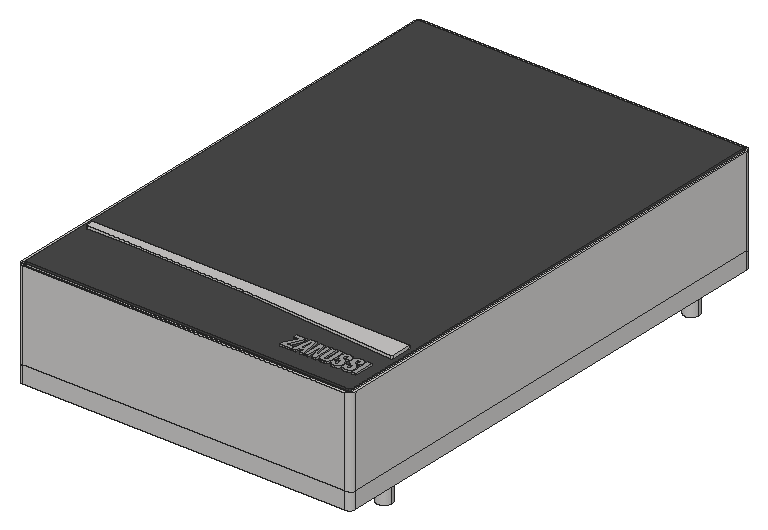
Revit family "QF_ZANUSSI_600891_Z1HAEEOMCS", category Specialty Equipment, Revit 2018
Family settings
  Round Connector Dimension = Use Diameter
  Part Type = Normal
  Work Plane-Based = No
  Always vertical = Yes
  Cut with Voids When Loaded = No
  Shared = No
  Room Calculation Point = No
Parameters
  Watts = 0 W
  Volts = 0 V
  URL = ""
  Steam Supply Size = 0 mm
  Steam Supply Minimum Pressure = 0.0 Pa
  Steam Supply Maximum Pressure = 0.0 Pa
  Steam Pounds per Hour = 0
  Show Logo [instance] = yes
  Manufacturer = ""
  Phase = 0
  Model = ""
  Item Number = ""
  Hot Water Size = 0 mm
  HP = "4.7 HP"
  Gas Size = 0 mm
  Gas KW = 0
  Direct Waste Size = 0 mm
  Description = ""
  Cycle = 0 Hz
  Condensate Return Size = 0 mm
  Compressed Air Volume = 0.0 L/s
  Compressed Air Size = 0 mm
  Compressed Air Pressure = 0.0 Pa
  Cold Water Size = 0 mm
Types (2, lengths in mm): name | Volts | URL | Manufacturer | Phase | Model | Item Number | Description | Cycle
  (no name) | 0 V | "" | "" | 0 | "" | "" | "" | 0 Hz
  Standard | 220 V | "http://www.zanussiprofessional.com" | "Zanussi" | 1 | "Z1HAEEOMCS" | "600891" | "PLUG-IN INDUCTION DOUBLE ZONE COOK TOP" | 60 Hz
Reference planes
  plane 1 "Centro (Fronte/Retro)": y = 74.737
  plane 2: z = 0
  plane 3: x = -514.269
  plane 4 "LEFT": x = -714.269
  plane 5 "RIGHT": x = -314.269
  plane 6 "BACK": y = 374.737
  plane 7 "FRONT": y = -225.263
  plane 8: x = -712.269
  plane 9: y = 372.737
  plane 10: x = -316.269
  plane 11: y = -223.263
  plane 12: y = -124.263
  plane 13: x = -698.269
  plane 14: x = -330.269
  plane 15: y = 304.737
  plane 16: y = -155.263
  plane 17: x = -442.269
  plane 18: y = 179.737
  plane 19: z = 764
Forms (mm)
  Extrusion 1, solid, material "QF_Finishes_Stainless Steel"
    sketch origin (0, 0, 788) x (1, 0, 0) y (0, 1, 0)
      loop
        arc (-707.269, 374.737) -> (-712.218, 372.687) -> (-714.269, 367.737) r 7
        line (-714.269, 367.737) -> (-714.269, -218.263)
        arc (-714.269, -218.263) -> (-712.218, -223.213) -> (-707.269, -225.263) r 7
        line (-707.269, -225.263) -> (-321.269, -225.263)
        arc (-321.269, -225.263) -> (-316.319, -223.213) -> (-314.269, -218.263) r 7
        line (-314.269, -218.263) -> (-314.269, 367.737)
        arc (-314.269, 367.737) -> (-316.319, 372.687) -> (-321.269, 374.737) r 7
        line (-321.269, 374.737) -> (-707.269, 374.737)
    from 0 to 20
  Extrusion 2, solid, material "QF_Finishes_Stainless Steel"
    sketch origin (0, 0, 788) x (1, 0, 0) y (0, 1, 0)
      loop
        line (-321.269, 374.737) -> (-707.269, 374.737)
        arc (-707.269, 374.737) -> (-712.218, 372.687) -> (-714.269, 367.737) r 7
        line (-714.269, 367.737) -> (-714.269, -218.263)
        arc (-714.269, -218.263) -> (-712.218, -223.213) -> (-707.269, -225.263) r 7
        line (-707.269, -225.263) -> (-321.269, -225.263)
        arc (-321.269, -225.263) -> (-316.319, -223.213) -> (-314.269, -218.263) r 7
        line (-314.269, -218.263) -> (-314.269, 367.737)
        arc (-314.269, 367.737) -> (-316.319, 372.687) -> (-321.269, 374.737) r 7
      loop
        arc (-707.269, 372.737) -> (-710.804, 371.273) -> (-712.269, 367.737) r 5
        line (-712.269, 367.737) -> (-712.269, -218.263)
        arc (-712.269, -218.263) -> (-710.804, -221.798) -> (-707.269, -223.263) r 5
        line (-707.269, -223.263) -> (-321.269, -223.263)
        arc (-321.269, -223.263) -> (-317.733, -221.798) -> (-316.269, -218.263) r 5
        line (-316.269, -218.263) -> (-316.269, 367.737)
        arc (-316.269, 367.737) -> (-317.733, 371.273) -> (-321.269, 372.737) r 5
        line (-321.269, 372.737) -> (-707.269, 372.737)
    from 20 to 126
  Extrusion 3, solid, material "QF_Finishes_Black"
    sketch origin (0, 0, 914) x (-1, 0, 0) y (0, -1, 0)
      loop
        arc (707.269, -369.737) -> (708.683, -369.151) -> (709.269, -367.737) r 2
        line (709.269, -367.737) -> (709.269, 218.263)
        arc (709.269, 218.263) -> (708.683, 219.677) -> (707.269, 220.263) r 2
        line (707.269, 220.263) -> (321.269, 220.263)
        arc (321.269, 220.263) -> (319.854, 219.677) -> (319.269, 218.263) r 2
        line (319.269, 218.263) -> (319.269, -367.737)
        arc (319.269, -367.737) -> (319.854, -369.151) -> (321.269, -369.737) r 2
        line (321.269, -369.737) -> (707.269, -369.737)
    from 0 to 2
  Extrusion 4, solid, material "QF_Finishes_Stainless Steel"
    sketch origin (0, 0, 140) x (-1, 0, 0) y (0, -1, 0)
      loop
        circle (698.269, -304.737) r 9
      loop
        circle (330.269, -304.737) r 9
      loop
        circle (698.269, 155.263) r 9
      loop
        circle (330.269, 155.263) r 9
    from 624 to 648
  Extrusion 5, solid, material "QF_Finishes_Stainless Steel"
    sketch origin (0, 0, 140) x (-1, 0, 0) y (0, -1, 0)
      loop
        circle (442.269, -179.737) r 10
    from 638.028 to 648
  Extrusion 6, solid, material "QF_Finishes_Stainless Steel"
    sketch origin (0, 0, 914) x (-1, 0, 0) y (0, -1, 0)
      loop
        arc (702.769, 124.263) -> (703.829, 124.702) -> (704.269, 125.763) r 1.5
        line (704.269, 125.763) -> (704.269, 132.763)
        arc (704.269, 132.763) -> (703.829, 133.824) -> (702.769, 134.263) r 1.5
        line (702.769, 134.263) -> (651.769, 134.263)
        arc (651.769, 134.263) -> (582.973, 135.513) -> (514.269, 139.263) r 1893.125
        arc (514.269, 139.263) -> (420.209, 148.26) -> (325.769, 151.263) r 1486.51
        arc (325.769, 151.263) -> (324.708, 150.824) -> (324.269, 149.763) r 1.5
        line (324.269, 149.763) -> (324.269, 125.763)
        arc (324.269, 125.763) -> (324.708, 124.702) -> (325.769, 124.263) r 1.5
        line (325.769, 124.263) -> (702.769, 124.263)
    from 2 to 5
Lines and regions (mm)
  Split face 1
    outline origin (0, 0, 916) x (-1, 0, 0) y (0, -1, 0)
      loop
        line (324.269, 124.263) -> (324.269, -364.737) -> (704.269, -364.737) -> (704.269, 124.263) -> (324.269, 124.263)
  Split face 2
    outline origin (0, 0, 916) x (-1, 0, 0) y (0, -1, 0)
      loop
        circle (514.269, -237.487) r 104
  Split face 3
    outline origin (0, 240.474, 916) x (-1, 0, 0) y (0, -1, 0)
      loop
        circle (514.269, 237.487) r 104
  symbolic lines
    curve 1: line (-321.269, 374.737, 126) -> (-707.269, 374.737, 126)
    curve 2: arc (-707.269, 374.737, 126) -> (-712.218, 372.687, 126) -> (-714.269, 367.737, 126) r 7
    curve 3: line (-714.269, 367.737, 126) -> (-714.269, -218.263, 126)
    curve 4: arc (-714.269, -218.263, 126) -> (-712.218, -223.213, 126) -> (-707.269, -225.263, 126) r 7
    curve 5: line (-707.269, -225.263, 126) -> (-321.269, -225.263, 126)
    curve 6: arc (-321.269, -225.263, 126) -> (-316.319, -223.213, 126) -> (-314.269, -218.263, 126) r 7
    curve 7: line (-314.269, -218.263, 126) -> (-314.269, 367.737, 126)
    curve 8: arc (-314.269, 367.737, 126) -> (-316.319, 372.687, 126) -> (-321.269, 374.737, 126) r 7
    curve 9: line (-707.269, 372.737, 126) -> (-321.269, 372.737, 126)
    curve 10: arc (-321.269, 372.737, 126) -> (-317.733, 371.273, 126) -> (-316.269, 367.737, 126) r 5
    curve 11: line (-316.269, 367.737, 126) -> (-316.269, -218.263, 126)
    curve 12: arc (-316.269, -218.263, 126) -> (-317.733, -221.798, 126) -> (-321.269, -223.263, 126) r 5
    curve 13: line (-321.269, -223.263, 126) -> (-707.269, -223.263, 126)
    curve 14: arc (-707.269, -223.263, 126) -> (-710.804, -221.798, 126) -> (-712.269, -218.263, 126) r 5
    curve 15: line (-712.269, -218.263, 126) -> (-712.269, 367.737, 126)
    curve 16: arc (-712.269, 367.737, 126) -> (-710.804, 371.273, 126) -> (-707.269, 372.737, 126) r 5
    curve 17: line (-324.269, -124.263, 126) -> (-704.269, -124.263, 126)
    curve 18: line (-704.269, 364.737, 126) -> (-704.269, -124.263, 126)
    curve 19: line (-324.269, -124.263, 126) -> (-324.269, 364.737, 126)
    curve 20: line (-324.269, 364.737, 126) -> (-704.269, 364.737, 126)
    curve 21: line (-319.269, -218.263, 126) -> (-319.269, 367.737, 126)
    curve 22: arc (-319.269, 367.737, 126) -> (-319.854, 369.151, 126) -> (-321.269, 369.737, 126) r 2
    curve 23: line (-321.269, 369.737, 126) -> (-707.269, 369.737, 126)
    curve 24: arc (-707.269, 369.737, 126) -> (-708.683, 369.151, 126) -> (-709.269, 367.737, 126) r 2
    curve 25: line (-709.269, 367.737, 126) -> (-709.269, -218.263, 126)
    curve 26: arc (-709.269, -218.263, 126) -> (-708.683, -219.677, 126) -> (-707.269, -220.263, 126) r 2
    curve 27: line (-707.269, -220.263, 126) -> (-321.269, -220.263, 126)
    curve 28: arc (-321.269, -220.263, 126) -> (-319.854, -219.677, 126) -> (-319.269, -218.263, 126) r 2
    curve 29: arc (-410.269, 237.487, 126) -> (-514.269, 341.487, 126) -> (-618.269, 237.487, 126) r 104
    curve 30: arc (-618.269, 237.487, 126) -> (-514.269, 133.487, 126) -> (-410.269, 237.487, 126) r 104
    curve 31: arc (-618.269, 2.987, 126) -> (-514.269, 106.987, 126) -> (-410.269, 2.987, 126) r 104
    curve 32: arc (-410.269, 2.987, 126) -> (-514.269, -101.013, 126) -> (-618.269, 2.987, 126) r 104
    curve 33: arc (-702.769, -124.263, 126) -> (-703.829, -124.702, 126) -> (-704.269, -125.763, 126) r 1.5
    curve 34: line (-704.269, -125.763, 126) -> (-704.269, -132.763, 126)
    curve 35: arc (-704.269, -132.763, 126) -> (-703.829, -133.824, 126) -> (-702.769, -134.263, 126) r 1.5
    curve 36: line (-702.769, -134.263, 126) -> (-651.769, -134.263, 126)
    curve 37: arc (-324.269, -125.763, 126) -> (-324.708, -124.702, 126) -> (-325.769, -124.263, 126) r 1.5
    curve 38: line (-324.269, -149.763, 126) -> (-324.269, -125.763, 126)
    curve 39: arc (-325.769, -151.263, 126) -> (-324.708, -150.824, 126) -> (-324.269, -149.763, 126) r 1.5
    curve 40: arc (-651.769, -134.263, 126) -> (-582.973, -135.513, 126) -> (-514.269, -139.263, 126) r 1893.125
    curve 41: arc (-514.269, -139.263, 126) -> (-420.209, -148.26, 126) -> (-325.769, -151.263, 126) r 1486.51
    curve 42: line (-415.208, -176.613, 126) -> (-422.226, -191.352, 126)
    curve 43: line (-422.226, -191.352, 126) -> (-422.226, -196.265, 126)
    curve 44: line (-422.226, -196.265, 126) -> (-409.452, -196.265, 126)
    curve 45: line (-409.452, -196.265, 126) -> (-409.452, -191.352, 126)
    curve 46: line (-409.452, -191.352, 126) -> (-416.821, -191.352, 126)
    curve 47: line (-416.821, -191.352, 126) -> (-409.452, -176.332, 126)
    curve 48: line (-409.452, -176.332, 126) -> (-409.452, -172.261, 126)
    curve 49: line (-409.452, -172.261, 126) -> (-421.665, -172.261, 126)
    curve 50: line (-421.665, -172.261, 126) -> (-421.665, -176.753, 126)
    curve 51: line (-421.665, -176.753, 126) -> (-415.208, -176.613, 126)
    curve 52: line (-404.82, -172.261, 126) -> (-409.172, -196.265, 126)
    curve 53: line (-409.172, -196.265, 126) -> (-404.118, -196.265, 126)
    curve 54: line (-404.118, -196.265, 126) -> (-403.416, -191.633, 126)
    curve 55: line (-403.416, -191.633, 126) -> (-399.346, -191.633, 126)
    curve 56: line (-399.346, -191.633, 126) -> (-398.644, -196.265, 126)
    curve 57: line (-398.644, -196.265, 126) -> (-393.59, -196.265, 126)
    curve 58: line (-393.59, -196.265, 126) -> (-398.082, -172.261, 126)
    curve 59: line (-398.082, -172.261, 126) -> (-404.82, -172.261, 126)
    curve 60: line (-401.451, -176.364, 126) -> (-400.047, -187.281, 126)
    curve 61: line (-400.047, -187.281, 126) -> (-402.855, -187.281, 126)
    curve 62: line (-402.855, -187.281, 126) -> (-401.451, -176.364, 126)
    curve 63: line (-393.309, -172.261, 126) -> (-393.309, -196.265, 126)
    curve 64: line (-393.309, -196.265, 126) -> (-388.958, -196.265, 126)
    curve 65: line (-388.958, -196.265, 126) -> (-388.958, -180.403, 126)
    curve 66: line (-388.958, -180.403, 126) -> (-384.887, -196.265, 126)
    curve 67: line (-384.887, -196.265, 126) -> (-379.553, -196.265, 126)
    curve 68: line (-379.553, -196.265, 126) -> (-379.553, -172.261, 126)
    curve 69: line (-379.553, -172.261, 126) -> (-384.045, -172.261, 126)
    curve 70: line (-384.045, -172.261, 126) -> (-384.045, -187.562, 126)
    curve 71: line (-384.045, -187.562, 126) -> (-388.116, -172.261, 126)
    curve 72: line (-388.116, -172.261, 126) -> (-393.309, -172.261, 126)
    curve 73: line (-378.43, -172.261, 126) -> (-378.43, -188.404, 126)
    curve 74: line (-378.43, -188.404, 126) -> (-378.149, -192.334, 126)
    curve 75: line (-378.149, -192.334, 126) -> (-377.728, -193.317, 126)
    curve 76: line (-377.728, -193.317, 126) -> (-376.745, -194.58, 126)
    curve 77: line (-376.745, -194.58, 126) -> (-375.763, -195.282, 126)
    curve 78: line (-375.763, -195.282, 126) -> (-373.797, -196.124, 126)
    curve 79: line (-373.797, -196.124, 126) -> (-372.815, -196.265, 126)
    curve 80: line (-372.815, -196.265, 126) -> (-370.569, -196.265, 126)
    curve 81: line (-370.569, -196.265, 126) -> (-369.446, -195.984, 126)
    curve 82: line (-369.446, -195.984, 126) -> (-367.761, -195.001, 126)
    curve 83: line (-367.761, -195.001, 126) -> (-365.796, -192.194, 126)
    curve 84: line (-365.796, -192.194, 126) -> (-365.656, -191.211, 126)
    curve 85: line (-365.656, -191.211, 126) -> (-365.656, -172.261, 126)
    curve 86: line (-365.656, -172.261, 126) -> (-370.569, -172.261, 126)
    curve 87: line (-370.569, -172.261, 126) -> (-370.569, -190.088, 126)
    curve 88: line (-370.569, -190.088, 126) -> (-371.13, -191.352, 126)
    curve 89: line (-371.13, -191.352, 126) -> (-372.675, -191.492, 126)
    curve 90: line (-372.675, -191.492, 126) -> (-373.517, -190.509, 126)
    curve 91: line (-373.517, -190.509, 126) -> (-373.517, -172.261, 126)
    curve 92: line (-373.517, -172.261, 126) -> (-378.43, -172.261, 126)
    curve 93: line (-353.163, -184.895, 126) -> (-358.778, -179.841, 126)
    curve 94: line (-358.778, -179.841, 126) -> (-359.479, -178.999, 126)
    curve 95: line (-359.479, -178.999, 126) -> (-359.76, -176.753, 126)
    curve 96: line (-359.76, -176.753, 126) -> (-358.076, -175.911, 126)
    curve 97: line (-358.076, -175.911, 126) -> (-356.672, -176.893, 126)
    curve 98: line (-356.672, -176.893, 126) -> (-356.532, -179.841, 126)
    curve 99: line (-356.532, -179.841, 126) -> (-351.899, -179.841, 126)
    curve 100: line (-351.899, -179.841, 126) -> (-352.18, -175.068, 126)
    curve 101: line (-352.18, -175.068, 126) -> (-355.128, -172.401, 126)
    curve 102: line (-355.128, -172.401, 126) -> (-363.269, -173.805, 126)
    curve 103: line (-363.269, -173.805, 126) -> (-364.252, -180.824, 126)
    curve 104: line (-364.252, -180.824, 126) -> (-362.006, -184.052, 126)
    curve 105: line (-362.006, -184.052, 126) -> (-359.62, -186.158, 126)
    curve 106: line (-359.62, -186.158, 126) -> (-356.672, -189.106, 126)
    curve 107: line (-356.672, -189.106, 126) -> (-357.233, -191.773, 126)
    curve 108: line (-357.233, -191.773, 126) -> (-359.058, -191.913, 126)
    curve 109: line (-359.058, -191.913, 126) -> (-360.041, -187.842, 126)
    curve 110: line (-360.041, -187.842, 126) -> (-364.954, -187.842, 126)
    curve 111: line (-364.954, -187.842, 126) -> (-363.55, -194.44, 126)
    curve 112: line (-363.55, -194.44, 126) -> (-357.374, -196.265, 126)
    curve 113: line (-357.374, -196.265, 126) -> (-351.759, -192.334, 126)
    curve 114: line (-351.759, -192.334, 126) -> (-353.163, -184.895, 126)
    curve 115: line (-339.266, -184.754, 126) -> (-345.161, -179.42, 126)
    curve 116: line (-345.161, -179.42, 126) -> (-345.863, -177.595, 126)
    curve 117: line (-345.863, -177.595, 126) -> (-345.302, -176.191, 126)
    curve 118: line (-345.302, -176.191, 126) -> (-344.038, -175.911, 126)
    curve 119: line (-344.038, -175.911, 126) -> (-342.635, -176.893, 126)
    curve 120: line (-342.635, -176.893, 126) -> (-342.494, -179.701, 126)
    curve 121: line (-342.494, -179.701, 126) -> (-337.722, -179.841, 126)
    curve 122: line (-337.722, -179.841, 126) -> (-338.283, -174.928, 126)
    curve 123: line (-338.283, -174.928, 126) -> (-345.723, -171.98, 126)
    curve 124: line (-345.723, -171.98, 126) -> (-350.215, -175.63, 126)
    curve 125: line (-350.215, -175.63, 126) -> (-348.951, -182.929, 126)
    curve 126: line (-348.951, -182.929, 126) -> (-343.758, -187.562, 126)
    curve 127: line (-343.758, -187.562, 126) -> (-342.635, -189.246, 126)
    curve 128: line (-342.635, -189.246, 126) -> (-343.056, -191.773, 126)
    curve 129: line (-343.056, -191.773, 126) -> (-344.46, -192.054, 126)
    curve 130: line (-344.46, -192.054, 126) -> (-346.003, -187.702, 126)
    curve 131: line (-346.003, -187.702, 126) -> (-350.917, -187.842, 126)
    curve 132: line (-350.917, -187.842, 126) -> (-349.092, -194.721, 126)
    curve 133: line (-349.092, -194.721, 126) -> (-341.091, -195.703, 126)
    curve 134: line (-341.091, -195.703, 126) -> (-338.002, -192.896, 126)
    curve 135: line (-338.002, -192.896, 126) -> (-339.266, -184.754, 126)
    curve 136: line (-331.966, -172.261, 126) -> (-336.879, -172.261, 126)
    curve 137: line (-336.879, -172.261, 126) -> (-336.879, -196.265, 126)
    curve 138: line (-336.879, -196.265, 126) -> (-331.966, -196.265, 126)
    curve 139: line (-331.966, -196.265, 126) -> (-331.966, -172.261, 126)
Dimensions and locks
  equal spacing: plane 4 "LEFT", plane 3, plane 5 "RIGHT"
  plane 4 "LEFT" to plane 5 "RIGHT" = 400 mm
  equal spacing: plane 6 "BACK", plane 1 "Centro (Fronte/Retro)", plane 7 "FRONT"
  plane 6 "BACK" to plane 7 "FRONT" = 600 mm
  locked: plane 4 "LEFT" to plane 13 at 16
  locked: plane 14 to plane 5 "RIGHT" at 16
  locked: plane 6 "BACK" to plane 15 at 70
  locked: plane 16 to plane 7 "FRONT" at 70
  locked: plane 17 to plane 5 "RIGHT" at 128
  locked: plane 6 "BACK" to plane 18 at 195
  plane 19 to level = 764 mm
  aligned and locked: level to plane 2
Automatic sketch dimensions
  curve 2 to curve 16 = 0 mm  (x2)
  curve 2 to curve 24 = 0 mm  (x2)
  curve 4 to curve 14 = 0 mm  (x2)
  curve 4 to curve 26 = 0 mm  (x2)
  curve 6 to curve 12 = 0 mm  (x2)
  curve 6 to curve 28 = 0 mm  (x2)
  curve 8 to curve 10 = 0 mm  (x2)
  curve 8 to curve 22 = 0 mm  (x2)
  curve 10 to curve 22 = 0 mm  (x2)
  curve 12 to curve 28 = 0 mm  (x2)
  curve 14 to curve 26 = 0 mm  (x2)
  curve 16 to curve 24 = 0 mm  (x2)
  curve 29 to curve 30 = 0 mm  (x2)
  curve 31 to curve 32 = 0 mm  (x2)
  curve 7 to plane 5 "RIGHT" = 0 mm
  curve 12 to plane 10 = 0 mm
  curve 6 to plane 7 "FRONT" = 0 mm
  curve 8 to plane 6 "BACK" = 0 mm
  curve 17 to plane 12 = 0 mm
  curve 40 to plane 3 = 0 mm
  curve 30 to plane 3 = 0 mm
  curve 32 to plane 3 = 0 mm
  curve 15 to plane 8 = 0 mm
  curve 10 to curve 21 = 3 mm
  curve 28 to curve 6 = 2 mm
  curve 22 to curve 22 = 2 mm
  curve 38 to plane 12 = 1.5 mm
  plane 14 to curve 38 = 6 mm
  curve 10 to curve 19 = 3 mm
  curve 39 to curve 39 = 1.5 mm
  curve 138 to plane 14 = 1.698 mm
  curve 138 to curve 138 = 4.913 mm
  curve 121 to plane 14 = 7.453 mm
  curve 137 to curve 134 = 1.123 mm
  curve 136 to curve 122 = 1.404 mm
  curve 121 to curve 135 = 1.544 mm
  curve 134 to curve 134 = 3.088 mm
  curve 121 to curve 121 = 4.773 mm
  curve 120 to curve 120 = 0.141 mm
  curve 115 to curve 128 = 3.369 mm
  curve 127 to curve 129 = 0.421 mm
  curve 127 to curve 127 = 1.123 mm
  curve 119 to curve 118 = 1.404 mm
  curve 128 to curve 130 = 1.404 mm
  curve 120 to curve 115 = 2.667 mm
  curve 118 to curve 117 = 1.263 mm
  curve 117 to curve 123 = 0.421 mm
  curve 117 to curve 117 = 0.562 mm
  curve 126 to curve 130 = 2.246 mm
  curve 115 to curve 126 = 3.79 mm
  curve 129 to curve 132 = 4.632 mm
  curve 116 to curve 125 = 4.352 mm
  curve 130 to curve 131 = 4.913 mm
  curve 132 to curve 114 = 2.667 mm
  curve 125 to curve 100 = 2.948 mm
  curve 124 to curve 100 = 1.965 mm
  curve 131 to curve 114 = 2.246 mm
  curve 100 to curve 101 = 2.948 mm
  curve 99 to curve 99 = 4.632 mm
  curve 93 to curve 106 = 3.509 mm
  curve 98 to curve 98 = 0.14 mm
  curve 106 to curve 107 = 0.562 mm
  curve 107 to curve 113 = 0.14 mm
  curve 97 to curve 96 = 1.404 mm
  curve 98 to curve 94 = 2.246 mm
  curve 107 to curve 109 = 1.825 mm
  curve 93 to curve 94 = 0.702 mm
  curve 106 to curve 106 = 2.948 mm
  curve 96 to curve 96 = 1.684 mm
  curve 105 to curve 110 = 0.421 mm
  curve 105 to curve 104 = 2.386 mm
  curve 95 to curve 103 = 3.509 mm
  curve 108 to curve 111 = 4.492 mm
  curve 104 to curve 103 = 2.246 mm
  curve 104 to curve 111 = 2.948 mm
  curve 110 to curve 84 = 0.702 mm
  curve 84 to curve 84 = 0.14 mm
  curve 83 to curve 83 = 1.965 mm
  curve 82 to curve 82 = 1.685 mm
  curve 84 to curve 88 = 4.913 mm
  curve 81 to curve 81 = 1.123 mm
  curve 87 to curve 89 = 0.561 mm
  curve 88 to curve 89 = 1.544 mm
  curve 80 to curve 79 = 2.246 mm
  curve 89 to curve 91 = 0.842 mm
  curve 79 to curve 78 = 0.982 mm
  curve 78 to curve 77 = 1.965 mm
  curve 77 to curve 76 = 0.983 mm
  curve 76 to curve 76 = 0.983 mm
  curve 75 to curve 74 = 0.421 mm
  curve 74 to curve 73 = 0.281 mm
  curve 76 to curve 67 = 2.808 mm
  curve 73 to curve 70 = 5.615 mm
  curve 67 to curve 67 = 5.334 mm
  curve 69 to curve 72 = 4.071 mm
  curve 66 to plane 16 = 25.14 mm
  curve 71 to curve 66 = 0.842 mm
  curve 71 to curve 63 = 5.194 mm
  curve 63 to curve 58 = 0.281 mm
  curve 58 to plane 16 = 16.998 mm
  curve 63 to curve 58 = 4.773 mm
  curve 57 to curve 57 = 5.053 mm
  curve 56 to curve 56 = 0.702 mm
  curve 55 to curve 61 = 0.702 mm
  curve 58 to curve 60 = 3.369 mm
  curve 60 to curve 61 = 2.807 mm
  curve 55 to curve 55 = 4.071 mm
  curve 54 to curve 54 = 0.702 mm
  curve 60 to curve 52 = 3.369 mm
  curve 53 to curve 52 = 5.054 mm
  curve 52 to curve 44 = 0.281 mm
  curve 52 to curve 47 = 4.632 mm
  curve 47 to curve 51 = 5.755 mm
  curve 45 to curve 46 = 7.368 mm
  curve 42 to curve 50 = 6.457 mm
  curve 46 to curve 42 = 5.406 mm
  curve 36 to plane 12 = 10 mm
  plane 13 to curve 36 = 46.5 mm
  curve 33 to plane 12 = 1.5 mm
  curve 33 to plane 13 = 4.5 mm
  curve 35 to curve 34 = 1.5 mm
  curve 33 to curve 17 = 1.5 mm
  curve 14 to curve 25 = 2 mm
  plane 8 to curve 9 = 5 mm
  plane 6 "BACK" to curve 41 = 960.51 mm
  curve 24 to curve 18 = 3 mm
  plane 18 to curve 29 = 57.75 mm
  plane 1 "Centro (Fronte/Retro)" to curve 31 = 71.75 mm
  plane 16 to curve 38 = 5.5 mm
  curve 124 to plane 16 = 16.717 mm
  curve 123 to curve 136 = 0.281 mm
  curve 58 to curve 63 = 0 mm
  curve 71 to curve 92 = 0 mm
  curve 91 to curve 86 = 0 mm
  curve 68 to curve 73 = 0 mm
  curve 50 to curve 52 = 0 mm
  curve 123 to curve 101 = 0.421 mm
  curve 85 to curve 102 = 1.544 mm
  curve 136 to curve 122 = 2.667 mm
  curve 101 to curve 101 = 2.667 mm
  curve 100 to curve 125 = 0.561 mm
  curve 123 to curve 119 = 3.93 mm
  curve 101 to curve 96 = 3.509 mm
  curve 118 to curve 117 = 0.281 mm
  curve 48 to curve 47 = 4.071 mm
  curve 58 to curve 60 = 4.103 mm
  curve 47 to curve 42 = 0.281 mm
  curve 49 to curve 50 = 4.492 mm
  curve 96 to curve 95 = 0.842 mm
  curve 118 to curve 120 = 0.983 mm
  curve 96 to curve 98 = 0.983 mm
  curve 117 to curve 117 = 1.404 mm
  curve 95 to curve 94 = 2.246 mm
  curve 116 to curve 116 = 1.825 mm
  curve 115 to curve 120 = 0.281 mm
  curve 97 to curve 98 = 2.948 mm
  curve 120 to curve 121 = 0.14 mm
  curve 94 to curve 93 = 0.842 mm
  curve 94 to curve 104 = 1.825 mm
  curve 99 to curve 126 = 3.088 mm
  curve 103 to curve 105 = 3.228 mm
  curve 121 to curve 115 = 4.913 mm
  curve 125 to curve 93 = 1.965 mm
  curve 104 to curve 105 = 2.106 mm
  curve 60 to curve 62 = 10.917 mm
  curve 115 to curve 126 = 2.807 mm
  curve 65 to curve 70 = 7.159 mm
  curve 126 to curve 130 = 0.14 mm
  curve 104 to curve 111 = 3.79 mm
  curve 93 to curve 132 = 2.948 mm
  curve 70 to curve 74 = 0.842 mm
  curve 109 to curve 106 = 1.264 mm
  curve 126 to curve 127 = 1.685 mm
  curve 110 to curve 87 = 2.246 mm
  curve 87 to curve 91 = 0.421 mm
  curve 110 to curve 85 = 3.369 mm
  curve 61 to curve 46 = 4.071 mm
  curve 87 to curve 89 = 1.263 mm
  curve 42 to curve 46 = 0 mm
  curve 90 to curve 90 = 0.983 mm
  curve 60 to curve 55 = 4.352 mm
  curve 127 to curve 129 = 2.527 mm
  curve 106 to curve 108 = 2.667 mm
  curve 107 to curve 109 = 0.14 mm
  curve 128 to curve 129 = 0.281 mm
  curve 84 to curve 84 = 0.982 mm
  curve 73 to curve 74 = 3.93 mm
  curve 131 to curve 113 = 4.492 mm
  curve 128 to curve 134 = 1.123 mm
  curve 74 to curve 75 = 0.983 mm
  curve 83 to curve 112 = 2.246 mm
  curve 75 to curve 76 = 1.263 mm
  curve 113 to curve 132 = 2.386 mm
  curve 83 to curve 83 = 2.808 mm
  curve 76 to curve 78 = 0.702 mm
  curve 134 to curve 134 = 2.807 mm
  curve 82 to curve 82 = 0.983 mm
  curve 77 to curve 79 = 0.842 mm
  curve 55 to curve 56 = 4.632 mm
  curve 75 to curve 67 = 2.948 mm
  curve 107 to curve 112 = 4.492 mm
  curve 64 to curve 66 = 0 mm
  curve 78 to curve 79 = 0.14 mm
  curve 45 to curve 53 = 4.913 mm
  curve 134 to curve 137 = 3.369 mm
  curve 45 to curve 52 = 0 mm
  curve 40 to plane 7 "FRONT" = 1802.125 mm
  plane 17 to curve 30 = 32 mm
  plane 17 to curve 32 = 32 mm
  Extrusion 1 sketch curve to plane 4 "LEFT" = 0 mm
  Extrusion 1 sketch curve to plane 7 "FRONT" = 0 mm
  Extrusion 1 sketch curve to plane 6 "BACK" = 0 mm
  Extrusion 1 sketch curve to plane 5 "RIGHT" = 0 mm
  plane 8 to Extrusion 1 sketch curve = 5 mm  (x2)
  Extrusion 1 sketch curve to plane 10 = 5 mm  (x2)
  Extrusion 2 sketch curve to Extrusion 2 sketch curve = 0 mm  (x8)
  Extrusion 2 sketch curve to plane 4 "LEFT" = 0 mm
  Extrusion 2 sketch curve to plane 8 = 0 mm
  Extrusion 2 sketch curve to plane 6 "BACK" = 0 mm
  Extrusion 2 sketch curve to plane 7 "FRONT" = 0 mm
  Extrusion 2 sketch curve to plane 10 = 0 mm
  Extrusion 2 sketch curve to Extrusion 2 sketch curve = 5 mm  (x2)
  Extrusion 2 sketch curve to plane 10 = 5 mm  (x2)
  Extrusion 3 sketch curve to plane 10 = 3 mm
  Extrusion 3 sketch curve to Extrusion 3 sketch curve = 2 mm  (x3)
  plane 8 to Extrusion 3 sketch curve = 5 mm  (x2)
  Extrusion 3 sketch curve to plane 9 = 3 mm
  plane 11 to Extrusion 3 sketch curve = 5 mm
  Split face 1 sketch curve to Extrusion 3 = 5 mm  (x3)
  Split face 1 sketch curve to Extrusion 3 = 96 mm
  Extrusion 4 sketch curve to plane 14 = 0 mm  (x2)
  Extrusion 4 sketch curve to plane 13 = 0 mm  (x2)
  Extrusion 4 sketch curve to plane 15 = 0 mm  (x2)
  Extrusion 4 sketch curve to plane 16 = 0 mm  (x2)
  Extrusion 5 sketch curve to plane 17 = 0 mm
  Extrusion 5 sketch curve to plane 18 = 0 mm
  Split face 2 sketch curve to Extrusion 3 = 195 mm
  Split face 2 sketch curve to Extrusion 3 = 132.25 mm
  Split face 3 sketch curve to Extrusion 3 = 195 mm
  Split face 3 sketch curve to Extrusion 3 = 223.25 mm
  Extrusion 6 sketch curve to plane 12 = 0 mm
  Extrusion 6 sketch curve to plane 3 = 0 mm
  plane 14 to Extrusion 6 sketch curve = 4.5 mm  (x2)
  Extrusion 6 sketch curve to Extrusion 6 sketch curve = 1.5 mm  (x2)
  plane 13 to Extrusion 6 sketch curve = 46.5 mm
  Extrusion 6 sketch curve to plane 12 = 1.5 mm
  Extrusion 6 sketch curve to plane 13 = 4.5 mm
  plane 6 "BACK" to Extrusion 6 sketch curve = 960.51 mm
  Extrusion 6 sketch curve to Extrusion 6 sketch curve = 7 mm
  plane 16 to Extrusion 6 sketch curve = 5.5 mm
  Extrusion 6 sketch curve to plane 7 "FRONT" = 1802.125 mm
  radius of Extrusion 4 sketch curve = 9 mm  (x4)
  radius of Extrusion 5 sketch curve = 10 mm
  radius of Split face 2 sketch curve = 104 mm
  radius of Split face 3 sketch curve = 104 mm
Nested families
  nested 1: "ZAN_Logo_S_Grey" at (-377.096, -184.263, 916), visible <- "Show Logo", type "ZAN_Logo_S_Grey"
Connectors
  electrical at (-442.269, 179.737, 778.028)
    settings: on Extrusion 5, index 2, voltage 0 V, apparent load 0 VA, apparent load phase1 0 VA, apparent load phase2 0 VA, apparent load phase3 0 VA, power factor 1, load classification "Altro", number of poles 1, system type 30, power factor state 1, is connector primary yes, connector utility no, sub classification motor no, connector description ""
Definition of nested family "ZAN_Logo_S_Grey"
  Parameters (values of type "ZAN_Logo_S_Grey")
    Default Elevation = 0 mm
  Reference planes
    plane 1 "Centro (Fronte/Retro)": y = 0
    plane 2: z = 0
    plane 3 "Centro (Sinistra/Destra)": x = 0
  Forms (mm)
    Extrusion 1, solid
      sketch origin (0, 0, 0) x (1, 0, 0) y (0, 1, 0)
        loop
          line (-1219.2, 1219.2) -> (-1219.2, -1219.2) -> (1219.2, -1219.2) -> (1219.2, 1219.2) -> (-1219.2, 1219.2)
      from 0 to -304.8
    Extrusion 2, solid
      sketch origin (17.793, -46.218, 0) x (-1, 0, 0) y (0, -1, 0)
        loop
          spline (-4.176, -58.079) -> (-3.496, -58.328) -> (-2.793, -58.512) -> (-2.075, -58.63) -> (-1.348, -58.682) -> (-0.619, -58.669) -> (0.106, -58.588) -> (0.818, -58.44) -> (1.512, -58.225) -> (2.18, -57.941) -> (2.817, -57.589) -> (3.414, -57.167) -> (3.966, -56.676)
          spline (3.966, -56.676) -> (4.293, -56.162) -> (4.575, -55.61) -> (4.81, -55.026) -> (5, -54.419) -> (5.146, -53.797) -> (5.247, -53.166) -> (5.304, -52.536) -> (5.318, -51.913) -> (5.288, -51.306) -> (5.217, -50.723) -> (5.103, -50.17) -> (4.949, -49.657)
          line (4.949, -49.657) -> (2.702, -46.428) -> (0.316, -44.323)
          spline (0.316, -44.323) -> (0.065, -44.115) -> (-0.195, -43.909) -> (-0.46, -43.704) -> (-0.729, -43.496) -> (-0.997, -43.282) -> (-1.263, -43.059) -> (-1.523, -42.825) -> (-1.774, -42.576) -> (-2.013, -42.309) -> (-2.238, -42.022) -> (-2.445, -41.712) -> (-2.632, -41.375)
          spline (-2.632, -41.375) -> (-2.666, -41.159) -> (-2.697, -40.934) -> (-2.722, -40.701) -> (-2.736, -40.465) -> (-2.736, -40.227) -> (-2.72, -39.989) -> (-2.682, -39.754) -> (-2.621, -39.524) -> (-2.533, -39.302) -> (-2.414, -39.091) -> (-2.261, -38.892) -> (-2.07, -38.708)
          line (-2.07, -38.708) -> (-0.245, -38.567)
          spline (-0.245, -38.567) -> (0.096, -38.8) -> (0.354, -39.074) -> (0.54, -39.381) -> (0.664, -39.716) -> (0.738, -40.073) -> (0.772, -40.445) -> (0.777, -40.825) -> (0.763, -41.208) -> (0.742, -41.588) -> (0.723, -41.957) -> (0.718, -42.309) -> (0.737, -42.638)
          line (0.737, -42.638) -> (5.65, -42.638)
          spline (5.65, -42.638) -> (5.708, -42.042) -> (5.741, -41.448) -> (5.747, -40.857) -> (5.723, -40.273) -> (5.668, -39.696) -> (5.58, -39.129) -> (5.457, -38.574) -> (5.297, -38.032) -> (5.098, -37.506) -> (4.857, -36.997) -> (4.574, -36.508) -> (4.247, -36.041)
          spline (4.247, -36.041) -> (3.844, -35.675) -> (3.409, -35.35) -> (2.946, -35.065) -> (2.458, -34.819) -> (1.949, -34.612) -> (1.421, -34.444) -> (0.88, -34.314) -> (0.326, -34.221) -> (-0.234, -34.165) -> (-0.8, -34.146) -> (-1.366, -34.163) -> (-1.93, -34.216)
          spline (-1.93, -34.216) -> (-2.526, -34.309) -> (-3.116, -34.448) -> (-3.695, -34.633) -> (-4.259, -34.861) -> (-4.801, -35.131) -> (-5.316, -35.444) -> (-5.799, -35.798) -> (-6.245, -36.191) -> (-6.648, -36.624) -> (-7.002, -37.095) -> (-7.303, -37.603) -> (-7.545, -38.146)
          spline (-7.545, -38.146) -> (-7.694, -38.815) -> (-7.792, -39.487) -> (-7.839, -40.158) -> (-7.836, -40.824) -> (-7.785, -41.482) -> (-7.685, -42.129) -> (-7.539, -42.762) -> (-7.347, -43.377) -> (-7.111, -43.97) -> (-6.83, -44.538) -> (-6.506, -45.078) -> (-6.141, -45.586)
          line (-6.141, -45.586) -> (-0.526, -50.64) -> (0.176, -51.482)
          spline (0.176, -51.482) -> (0.248, -51.66) -> (0.323, -51.843) -> (0.397, -52.03) -> (0.467, -52.22) -> (0.529, -52.412) -> (0.579, -52.605) -> (0.615, -52.798) -> (0.633, -52.989) -> (0.63, -53.179) -> (0.601, -53.366) -> (0.545, -53.55) -> (0.456, -53.728)
          spline (0.456, -53.728) -> (0.375, -53.892) -> (0.273, -54.034) -> (0.154, -54.155) -> (0.02, -54.258) -> (-0.126, -54.343) -> (-0.28, -54.412) -> (-0.441, -54.466) -> (-0.604, -54.508) -> (-0.767, -54.537) -> (-0.928, -54.556) -> (-1.082, -54.567) -> (-1.228, -54.57)
          line (-1.228, -54.57) -> (-2.632, -53.587) -> (-2.772, -50.64) -> (-7.405, -50.64)
          spline (-7.405, -50.64) -> (-7.41, -51.031) -> (-7.423, -51.432) -> (-7.44, -51.839) -> (-7.456, -52.251) -> (-7.469, -52.665) -> (-7.475, -53.079) -> (-7.468, -53.489) -> (-7.446, -53.894) -> (-7.404, -54.291) -> (-7.339, -54.679) -> (-7.247, -55.053) -> (-7.123, -55.412)
          spline (-7.123, -55.412) -> (-6.999, -55.693) -> (-6.837, -55.97) -> (-6.643, -56.244) -> (-6.422, -56.509) -> (-6.177, -56.765) -> (-5.913, -57.009) -> (-5.634, -57.238) -> (-5.346, -57.45) -> (-5.051, -57.643) -> (-4.755, -57.814) -> (-4.462, -57.96) -> (-4.176, -58.079)
        loop
          spline (-21.021, -55.552) -> (-20.633, -56.181) -> (-20.177, -56.736) -> (-19.661, -57.217) -> (-19.092, -57.627) -> (-18.478, -57.966) -> (-17.827, -58.237) -> (-17.147, -58.441) -> (-16.446, -58.578) -> (-15.73, -58.652) -> (-15.009, -58.662) -> (-14.29, -58.611) -> (-13.581, -58.5)
          spline (-13.581, -58.5) -> (-13.088, -58.407) -> (-12.595, -58.269) -> (-12.109, -58.088) -> (-11.636, -57.866) -> (-11.183, -57.605) -> (-10.756, -57.307) -> (-10.361, -56.974) -> (-10.004, -56.608) -> (-9.692, -56.211) -> (-9.431, -55.784) -> (-9.228, -55.33) -> (-9.089, -54.851)
          spline (-9.089, -54.851) -> (-8.873, -54.211) -> (-8.715, -53.559) -> (-8.615, -52.901) -> (-8.574, -52.241) -> (-8.592, -51.585) -> (-8.668, -50.938) -> (-8.802, -50.306) -> (-8.995, -49.693) -> (-9.247, -49.106) -> (-9.557, -48.55) -> (-9.925, -48.03) -> (-10.352, -47.551)
          line (-10.352, -47.551) -> (-15.546, -42.919) -> (-16.669, -41.234)
          spline (-16.669, -41.234) -> (-16.704, -41.021) -> (-16.735, -40.804) -> (-16.761, -40.583) -> (-16.778, -40.361) -> (-16.784, -40.139) -> (-16.774, -39.919) -> (-16.748, -39.701) -> (-16.7, -39.488) -> (-16.63, -39.28) -> (-16.533, -39.08) -> (-16.406, -38.889) -> (-16.248, -38.708)
          line (-16.248, -38.708) -> (-14.844, -38.427)
          spline (-14.844, -38.427) -> (-14.347, -38.545) -> (-13.969, -38.749) -> (-13.695, -39.028) -> (-13.508, -39.368) -> (-13.393, -39.757) -> (-13.335, -40.182) -> (-13.318, -40.63) -> (-13.326, -41.089) -> (-13.344, -41.546) -> (-13.356, -41.988) -> (-13.347, -42.403) -> (-13.3, -42.779)
          line (-13.3, -42.779) -> (-8.387, -42.638)
          spline (-8.387, -42.638) -> (-8.326, -42.034) -> (-8.288, -41.417) -> (-8.277, -40.794) -> (-8.299, -40.169) -> (-8.357, -39.548) -> (-8.457, -38.936) -> (-8.604, -38.339) -> (-8.803, -37.762) -> (-9.058, -37.21) -> (-9.375, -36.689) -> (-9.758, -36.204) -> (-10.212, -35.76)
          spline (-10.212, -35.76) -> (-10.793, -35.336) -> (-11.409, -34.976) -> (-12.054, -34.679) -> (-12.723, -34.445) -> (-13.409, -34.273) -> (-14.107, -34.163) -> (-14.811, -34.115) -> (-15.515, -34.127) -> (-16.213, -34.2) -> (-16.899, -34.333) -> (-17.568, -34.526) -> (-18.213, -34.777)
          spline (-18.213, -34.777) -> (-18.496, -34.897) -> (-18.783, -35.044) -> (-19.071, -35.216) -> (-19.357, -35.412) -> (-19.639, -35.629) -> (-19.915, -35.865) -> (-20.182, -36.119) -> (-20.438, -36.389) -> (-20.681, -36.672) -> (-20.907, -36.967) -> (-21.115, -37.272) -> (-21.301, -37.585)
          spline (-21.301, -37.585) -> (-21.55, -38.26) -> (-21.734, -38.948) -> (-21.854, -39.647) -> (-21.91, -40.351) -> (-21.901, -41.057) -> (-21.828, -41.761) -> (-21.69, -42.459) -> (-21.489, -43.148) -> (-21.222, -43.823) -> (-20.892, -44.48) -> (-20.497, -45.116) -> (-20.038, -45.726)
          line (-20.038, -45.726) -> (-14.142, -51.061) -> (-13.44, -52.886) -> (-14.002, -54.289) -> (-15.265, -54.57) -> (-16.669, -53.587) -> (-16.81, -50.78) -> (-21.582, -50.64)
          spline (-21.582, -50.64) -> (-21.558, -51.063) -> (-21.55, -51.491) -> (-21.554, -51.92) -> (-21.561, -52.35) -> (-21.567, -52.778) -> (-21.565, -53.201) -> (-21.547, -53.619) -> (-21.509, -54.029) -> (-21.444, -54.43) -> (-21.345, -54.818) -> (-21.206, -55.193) -> (-21.021, -55.552)
        loop
          line (-22.424, -34.216) -> (-27.337, -34.216) -> (-27.337, -58.22) -> (-22.424, -58.22) -> (-22.424, -34.216)
        loop
          line (14.213, -39.971) -> (14.213, -58.22) -> (19.126, -58.22) -> (19.126, -42.077) -> (18.845, -38.146) -> (18.424, -37.164) -> (17.442, -35.9) -> (16.459, -35.199) -> (14.494, -34.356) -> (13.511, -34.216) -> (11.265, -34.216) -> (10.142, -34.497) -> (8.458, -35.479) -> (6.493, -38.287) -> (6.352, -39.269) -> (6.352, -58.22) -> (11.265, -58.22) -> (11.265, -40.392) -> (11.827, -39.129) -> (13.371, -38.988) -> (14.213, -39.971)
        loop
          line (20.249, -58.22) -> (24.741, -58.22) -> (24.741, -42.919) -> (28.812, -58.22) -> (34.006, -58.22) -> (34.006, -34.216) -> (29.654, -34.216) -> (29.654, -50.078) -> (25.583, -34.216) -> (20.249, -34.216) -> (20.249, -58.22)
        loop
          line (50.149, -58.22) -> (62.361, -58.22) -> (62.361, -53.728) -> (55.904, -53.868) -> (62.923, -39.129) -> (62.923, -34.216) -> (50.149, -34.216) -> (50.149, -39.129) -> (57.517, -39.129) -> (50.149, -54.149) -> (50.149, -58.22)
        loop
          line (38.778, -58.22) -> (45.516, -58.22) -> (49.868, -34.216) -> (44.814, -34.216) -> (44.113, -38.848) -> (40.042, -38.848) -> (39.34, -34.216) -> (34.286, -34.216) -> (38.778, -58.22)
        loop
          line (43.551, -43.2) -> (40.744, -43.2) -> (42.147, -54.117) -> (43.551, -43.2)
      from 0 to 1.644
  Dimensions and locks
    aligned and locked: plane 2 to Extrusion 1
    aligned and locked: level to Extrusion 1
